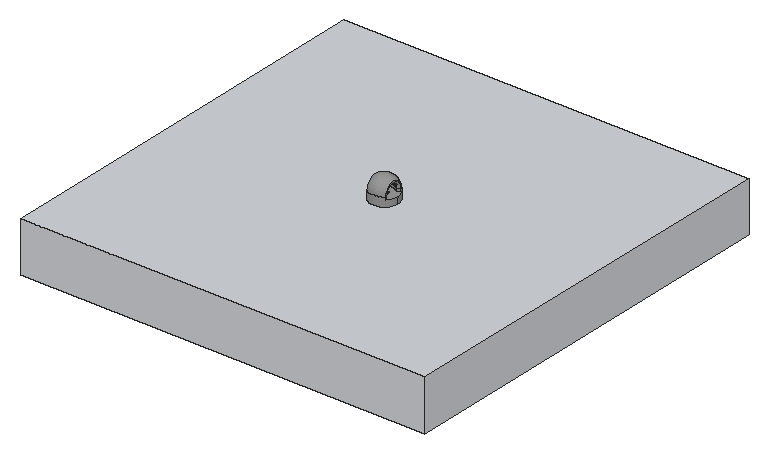
Revit family "LAMP_B-SIDE 135", category Luminarias, Revit 2015
Parameters (values of type "115LM 4000 BLACK")
  Ángulo de inclinación = 90.00°
  Weight = 1.45 kg
  Wattage = 3.5 W
  Type = "HI POWER CREE"
  built-in parameter 1150107 = 4000 (stored number, unit not read)
  built-in parameter 1150110 = 1 (stored number, unit not read)
  built-in parameter 1150109 = 1 (stored number, unit not read)
  built-in parameter 1150112 = 1 (stored number, unit not read)
  built-in parameter 1150113 = 1 (stored number, unit not read)
  built-in parameter 1114218 = 1 (stored number, unit not read)
  Protection rating = "IP65 / IK10"
  Product datasheet = "http://www.lamp.https://www.lamp.es/product-files/TECH/BS1DB1303840NA-EN.pdf"
  Product code = "BS1DB1303840NA"
  Product URL = "https://www.lamp.es/en/family/b-side_33457"
  Power Supply = "110-240V 50-60Hz"
  Power = 2 W
  Plum = 3.5 W
  built-in parameter 1150137 = (empty or 0)
  built-in parameter 1150132 = 2
  Modelo = Product code  # "BS1DB1303840NA"
  Material = LAMP_Aluminio B-Side antracita
  Manufacturer name = "LAMP"
  Manufacturer country = "Spain"
  Manufacturer URL = "http://www.lamp.es/en"
  MacAdam = ""
  Lámpara = "HIGH POWER LED\r\nHIGH POWER LED\r\nHIGH POWER LED\r\nHIGH POWER LED"
  Luminaire type = "Outdoor - Beacon"
  Last update = "21/12/2020"
  LED Lifetime = "50.000 L70 B10"
  built-in parameter 1150105 = 3.9031 (stored number, unit not read)
  built-in parameter 1150102 = (empty or 0)
  Insulation class = "I"
  Installation instructions = "https://www.lamp.es/product-files/INS/1002060-A-INSTR.%20B-SIDE%20LED.pdf"
  built-in parameter 1150106 = 0.039031 (stored number, unit not read)
  IEE = "A++"
  Height = 135 mm
  Gear = "Electronic"
  Lumens = 114.975 lm
  Finish = "Textured anthracite grey"
  Color Filter = 16777215
  built-in parameter 1114217 = 1 (stored number, unit not read)
  built-in parameter 1150139 = (empty or 0)
  Fabricante = Manufacturer name  # "LAMP"
  Default Elevation = 1219.2 mm
  built-in parameter 1150104 = 3.0519 (stored number, unit not read)
  Efficacy = 32.85 lm/W
  Diameter = 160 mm
  Descripción = "B-SIDE LED 135 250 NW ANT."
  built-in parameter 1150115 = 1 (stored number, unit not read)
  built-in parameter 1150114 = 1 (stored number, unit not read)
  built-in parameter 1150138 = (empty or 0)
  built-in parameter 1150134 = 3
  Dimming Lamp Color Temperature Shift = (empty or 0)
  CRI = "80"
  Archivo de red fotométrica = "5841254.IES"
  built-in parameter 1150133 = 10 (stored number, unit not read)
Types (2, lengths in mm): name | Product datasheet | Product code | Modelo | Material | built-in parameter 1150105 | built-in parameter 1150106 | Finish | Descripción | Archivo de red fotométrica
  115LM 4000 BLACK | "http://www.lamp.https://www.lamp.es/product-files/TECH/BS1DB1303840NA-EN.pdf" | "BS1DB1303840NA" | "BS1DB1303840NA" | LAMP_Aluminio B-Side antracita | 3.9031 (stored number, unit not read) | 0.039031 (stored number, unit not read) | "Textured anthracite grey" | "B-SIDE LED 135 250 NW ANT." | "5841254.IES"
  115LM 4000 GREY | "http://www.lamp.es/product-files/TECH/BS1DB1303840NG-EN.pdf" | "BS1DB1303840NG" | "BS1DB1303840NG" | LAMP_Aluminio B-Side gris | 159.46 (stored number, unit not read) | 1.5946 (stored number, unit not read) | "Texturised grey" | "B-SIDE LED 135 250 NW GR." | "5841253.IES"
Reference planes
  plane 1 "Centro (Frontal/Posterior)": y = 0
  plane 2: z = 0
  plane 3 "Centro (Izquierda/Derecha)": x = 0
Forms (mm)
  Extrusion 1, solid
    sketch origin (0, 0, 0) x (1, 0, 0) y (0, 1, 0)
      loop
        line (-1219.2, 1219.2) -> (-1219.2, -1219.2) -> (1219.2, -1219.2) -> (1219.2, 1219.2) -> (-1219.2, 1219.2)
    from 0 to -304.8
  Extrusion 2, solid, material "LAMP_Aluminio B-Side antracita" <- "Material"
    sketch origin (0, 0, 0) x (1, 0, 0) y (0, 1, 0)
      loop
        circle (0, 0) r 81.4
    from 0 to 53.603
  Extrusion 3, void
    sketch origin (0, 0, 0) x (1, 0, 0) y (0, 1, 0)
      loop
        arc (-56.09, -58.99) -> (-56.712, -57.566) -> (-56.126, -56.126) r 2
        line (-56.126, -56.126) -> (-42.686, -42.686)
        arc (-42.686, -42.686) -> (-41.305, -42.1) -> (-39.905, -42.64) r 2
        arc (-39.905, -42.64) -> (0, -58.4) -> (39.905, -42.64) r 58.4
        arc (39.905, -42.64) -> (41.305, -42.1) -> (42.686, -42.686) r 2
        line (42.686, -42.686) -> (56.126, -56.126)
        arc (56.126, -56.126) -> (56.712, -57.566) -> (56.09, -58.99) r 2
        arc (56.09, -58.99) -> (81.4, 0) -> (56.09, 58.99) r 81.4
        arc (56.09, 58.99) -> (56.712, 57.566) -> (56.126, 56.126) r 2
        line (56.126, 56.126) -> (42.686, 42.686)
        arc (42.686, 42.686) -> (41.305, 42.1) -> (39.905, 42.64) r 2
        arc (39.905, 42.64) -> (0, 58.4) -> (-39.905, 42.64) r 58.4
        arc (-39.905, 42.64) -> (-41.305, 42.1) -> (-42.686, 42.686) r 2
        line (-42.686, 42.686) -> (-56.126, 56.126)
        arc (-56.126, 56.126) -> (-56.712, 57.566) -> (-56.09, 58.99) r 2
        arc (-56.09, 58.99) -> (-81.4, 0) -> (-56.09, -58.99) r 81.4
    from 38 to 53.603
  Sweep 4, solid, material "LAMP_Aluminio B-Side antracita" <- "Material"
    path origin (0, 0, -699.397) x (0, 1, 0) y (0, 0, 1)
      loop
        arc (-58.4, 753) -> (0, 811.4) -> (58.4, 753) r 58.4
    profile origin (0, 0, 112.003) x (0, 0, 1) y (1, 0, 0)
      loop
        arc (0.59, -56.09) -> (23, 0) -> (0.59, 56.09) r 81.4
        arc (0.59, 56.09) -> (-0.834, 56.712) -> (-2.274, 56.126) r 2
        line (-2.274, 56.126) -> (-15.714, 42.686)
        arc (-15.714, 42.686) -> (-16.3, 41.305) -> (-15.76, 39.905) r 2
        arc (-15.76, 39.905) -> (0, 0) -> (-15.76, -39.905) r 58.4
        arc (-15.76, -39.905) -> (-16.3, -41.305) -> (-15.714, -42.686) r 2
        line (-15.714, -42.686) -> (-2.274, -56.126)
        arc (-2.274, -56.126) -> (-0.834, -56.712) -> (0.59, -56.09) r 2
  Extrusion 5, solid, material "LAMP_Aluminio B-Side antracita" <- "Material"
    sketch origin (0, 0, 0) x (1, 0, 0) y (0, 1, 0)
      loop
        arc (-19.941, -7.347) -> (-19.723, -7.874) -> (-19.196, -8.093) r 0.745
        line (-19.196, -8.093) -> (-14.656, -8.093)
        arc (-14.656, -8.093) -> (-14.206, -7.948) -> (-13.924, -7.57) r 0.775
        line (-13.924, -7.57) -> (-9.383, 5.625) -> (-4.868, -7.498)
        arc (-4.868, -7.498) -> (-4.603, -7.853) -> (-4.18, -7.988) r 0.727
        line (-4.18, -7.988) -> (-0.911, -7.988)
        arc (-0.911, -7.988) -> (-0.395, -7.775) -> (-0.182, -7.26) r 0.729
        line (-0.182, -7.26) -> (-0.182, 5.708) -> (3.923, 1.603) -> (8.029, 5.708) -> (8.029, -7.385)
        arc (8.029, -7.385) -> (8.236, -7.885) -> (8.736, -8.093) r 0.708
        line (8.736, -8.093) -> (13.813, -8.093)
        arc (13.813, -8.093) -> (14.355, -7.868) -> (14.579, -7.327) r 0.766
        line (14.579, -7.327) -> (14.579, 5.073)
        arc (14.579, 5.073) -> (14.796, 5.597) -> (15.319, 5.813) r 0.74
        line (15.319, 5.813) -> (18.763, 5.813)
        arc (18.763, 5.813) -> (19.302, 5.59) -> (19.525, 5.051) r 0.762
        line (19.525, 5.051) -> (19.525, 2.449)
        arc (19.525, 2.449) -> (19.304, 1.913) -> (18.768, 1.691) r 0.758
        line (18.768, 1.691) -> (15.597, 1.691)
        arc (15.597, 1.691) -> (14.772, 0.867) -> (15.597, 0.043) r 0.824
        line (15.597, 0.043) -> (20.435, 0.043)
        arc (20.435, 0.043) -> (20.958, 0.259) -> (21.174, 0.782) r 0.739
        line (21.174, 0.782) -> (21.174, 6.687)
        arc (21.174, 6.687) -> (20.947, 7.235) -> (20.399, 7.462) r 0.776
        line (20.399, 7.462) -> (13.696, 7.462)
        arc (13.696, 7.462) -> (13.155, 7.238) -> (12.93, 6.696) r 0.766
        line (12.93, 6.696) -> (12.93, -5.699)
        arc (12.93, -5.699) -> (12.706, -6.241) -> (12.164, -6.465) r 0.766
        line (12.164, -6.465) -> (10.468, -6.465)
        arc (10.468, -6.465) -> (9.929, -6.242) -> (9.706, -5.703) r 0.762
        line (9.706, -5.703) -> (9.706, 5.944)
        arc (9.706, 5.944) -> (8.51, 7.607) -> (6.554, 7.001) r 1.753
        line (6.554, 7.001) -> (3.923, 4.37) -> (1.293, 7.001)
        arc (1.293, 7.001) -> (-0.664, 7.607) -> (-1.86, 5.944) r 1.753
        line (-1.86, 5.944) -> (-1.86, -5.517)
        arc (-1.86, -5.517) -> (-2.65, -6.45) -> (-3.7, -5.824) r 0.946
        line (-3.7, -5.824) -> (-7.907, 6.409)
        arc (-7.907, 6.409) -> (-9.383, 7.462) -> (-10.86, 6.409) r 1.561
        line (-10.86, 6.409) -> (-15.109, -5.946)
        arc (-15.109, -5.946) -> (-15.389, -6.322) -> (-15.836, -6.465) r 0.768
        line (-15.836, -6.465) -> (-17.56, -6.465)
        arc (-17.56, -6.465) -> (-18.078, -6.25) -> (-18.293, -5.732) r 0.733
        line (-18.293, -5.732) -> (-18.293, 6.725)
        arc (-18.293, 6.725) -> (-19.117, 7.55) -> (-19.941, 6.725) r 0.824
        line (-19.941, 6.725) -> (-19.941, -7.347)
    from 38 to 39
Cuts and joins
  Extrusion 3 cuts Extrusion 2
  joined: Extrusion 2, Sweep 4
Text (mm)
  text "Any modification of the parameters and properties of the LAMP BIM models must be executed and validated by the LAMP technical department.\n\nPhone: +34 93 736 68 00\n\nE-mail: lamp@lamp.es\n\n\n\nLAMP reserves the right to modify the technical specifications of its products." at (19188.149, -14672.161, -9740.883), in view "Preview"
Dimensions and locks
  aligned and locked: plane 2 to Extrusion 1
  aligned and locked: level to Extrusion 1
Connectors
  electrical at (0, 0, 0)
    settings: on cut or joined group of Extrusion 2, Extrusion 3, Sweep 4, index 1, voltage 230 V, apparent load 0 VA, apparent load phase1 0 VA, apparent load phase2 0 VA, apparent load phase3 0 VA, power factor 1, load classification "Otro", number of poles 1, system type 31, power factor state 1, is connector primary yes, connector utility no, sub classification motor no, connector description ""
